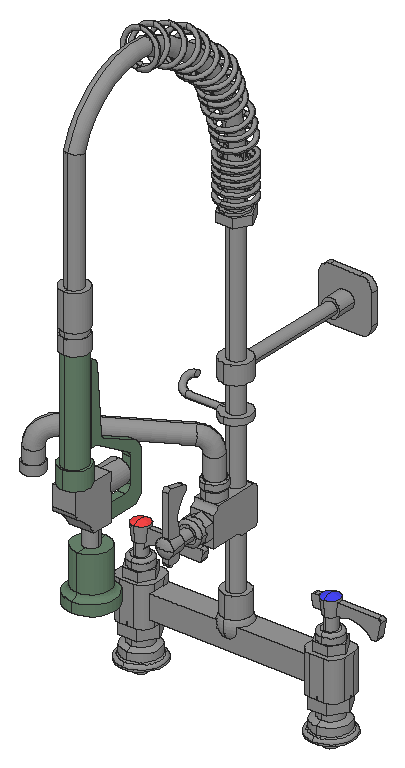
Revit family "Krowne_18-606L_DeckMount_Pre-Rinse_Faucet", category Plumbing Fixtures, Revit 2018
Family settings
  Round Connector Dimension = Use Diameter
  Part Type = Normal
  OmniClass Number = 23.40.40.00
  OmniClass Title = Food Service Equipment and Furnishings
  Work Plane-Based = No
  Always vertical = Yes
  Cut with Voids When Loaded = No
  Shared = No
  Room Calculation Point = No
Parameters (values of type "18-606L")
  Width = 12 5/16"
  Weight in Pounds = 13
  Watermarked By = ""
  URL Cutsheet = ""
  URL = "https://krowne.com/"
  Status [instance] = ""
  Specification by User [instance] = ""
  Specification by Manufacturer [instance] = ""
  Serial Number [instance] = ""
  Revision Code [instance] = ""
  NAFEM Spec ID Number [instance] = ""
  Model = "18-606L"
  Masterspec [instance] = ""
  Manufacturer = "Krowne Metal"
  Item Number [instance] = "-"
  Installed By [instance] = ""
  Hot Water Temperature = 100 °F
  Hot Water Size = 1/2"
  Hot Water RI Height [instance] = 0"
  Hot Water Flow = 1.8 GPM
  Hot Water Connection Height = 0"
  Height = 24 7/8"
  Furnished By [instance] = ""
  Foodservice Equipment Identifier = yes
  Description = "8\" Raised Deck Mount Space Saver Pre-Rinse with Add-on Faucet, 6\" Spout"
  Depth = 10"
  Cold Water Size = 1/2"
  Cold Water RI Height [instance] = 0"
  Cold Water Flow = 1.8 GPM
  Cold Water Consumption = ""
  Cold Water Connection Height = 0"
  CSI MasterFormat = ""
  Assembly Code = "E1090300"
Reference planes (in)
  plane 1 "BACK": y = 0
  plane 2: z = 0
  plane 3 "CENTER L/R": x = -12.56573
  plane 4: y = -0.9375
  plane 5: y = -8.5625
  plane 6 "CENTER L/S": x = -8.56573
  plane 7 "CENTER L/T": x = -16.56573
  plane 8 "CENTER L/U": x = -6.40948
  plane 9 "CENTER L/V": x = -18.72198
  plane 10: z = 6.875
  plane 11: z = 18
  plane 12: z = 26.625
  plane 13: z = 1.75
  plane 14: z = 15.8125
Forms (in)
  Extrusion 1, solid, material "QF_Steel-Chrome-Polished"
    sketch origin (-12.56573, -0.93695, -0.09142) x (0, -1, 0) y (1, 0, 0)
      loop
        circle (0, 0) r 0.34
    from 4.12518 to 18.28793
  Revolve 2, solid, material "QF_Plastic-Hunter Green"
    sketch origin (-12.56573, 4.2975, -7.025) x (0, -1, 0) y (0, 0, 1)
      loop
        line (13.735, 18.775) -> (14.36, 18.775) -> (14.36, 19.525) -> (14.235, 19.525) -> (14.235, 23.8375) -> (13.735, 23.8375) -> (13.735, 18.775)
      axis (13.735, 18.775) -> (13.735, 23.8375)
    angle from 0 to 360
  Sweep 3, solid, material "QF_Steel-Chrome-Polished"
    path origin (-12.56573, -0.93695, -4.46642) x (0, -1, 0) y (0, 0, 1)
      loop
        line (8.50055, 23.65392) -> (8.50055, 28.72759)
        arc (8.50055, 28.72759) -> (7.09376, 30.5755) -> (4.82933, 31.09142) r 3.40474
        arc (4.82933, 31.09142) -> (2.36329, 29.70618) -> (0.62765, 27.47285) r 7.14782
        arc (0.62765, 27.47285) -> (0.15902, 26.17338) -> (0, 24.80118) r 6
        line (0, 24.80118) -> (0, 22.66293)
    profile origin (-12.56573, -9.4375, 21.72434) x (0, 1, 0) y (-1, 0, 0)
      loop
        circle (0, 0) r 0.33984
  Sweep 4, solid, material "QF_Steel-Chrome-Polished"
    path origin (-12.56573, 8.55153, 20.47393) x (1, 0, 0) y (0, -0.694658, -0.71934)
      loop
        line (-0.03125, 13.66) -> (-2.03125, 13.66)
        arc (-2.03125, 13.66) -> (-2.40625, 13.285) -> (-2.03125, 12.91) r 0.375
    profile origin (-13.59698, -0.9375, 10.64775) x (0, 0.694658, 0.71934) y (0, 0.71934, -0.694658)
      loop
        circle (0, 0) r 0.125
  Sweep 5, solid, material "QF_Steel-Chrome-Polished"
    path origin (-12.56573, -23.0225, -7.025) x (0, 1, 0) y (0, 0, -1)
      loop
        line (14.46, -16.8375) -> (14.46, -16.0875)
    profile origin (-12.56573, -8.5625, 9.4375) x (-1, 0, 0) y (0, -1, 0)
      loop
        circle (0, 0) r 0.3125
  Revolve 6, solid, material "QF_Plastic-Hunter Green"
    sketch origin (-12.56573, -23.0225, -7.025) x (0, 1, 0) y (0, 0, -1)
      loop
        line (14.46, -16.0875) -> (15.21, -16.0875) -> (15.21, -14.5875)
        arc (15.21, -14.5875) -> (15.28322, -14.41072) -> (15.46, -14.3375) r 0.25
        line (15.46, -14.3375) -> (15.46, -13.9) -> (14.46, -13.9) -> (14.46, -16.0875)
      axis (14.46, -13.9) -> (14.46, -16.0875)
    angle from 0 to 360
  Extrusion 7, solid, material "QF_Plastic-Hunter Green"
    sketch origin (-12.56573, -23.0225, -7.025) x (0, 1, 0) y (0, 0, -1)
      loop
        arc (15.335, -16.71016) -> (15.02261, -17.01446) -> (15.31861, -17.33473) r 0.3125
        line (15.31861, -17.33473) -> (16.06861, -17.33473)
        arc (16.06861, -17.33473) -> (16.24539, -17.40795) -> (16.31861, -17.58473) r 0.25
        line (16.31861, -17.58473) -> (16.31861, -18.62984)
        arc (16.31861, -18.62984) -> (16.28585, -18.75357) -> (16.19614, -18.84486) r 0.25
        line (16.19614, -18.84486) -> (14.5225, -19.8375) -> (14.2725, -19.8375) -> (14.2725, -23.15)
        arc (14.2725, -23.15) -> (14.44928, -23.07678) -> (14.5225, -22.9) r 0.25
        line (14.5225, -22.9) -> (14.73264, -20.16098)
        arc (14.73264, -20.16098) -> (14.77513, -20.0396) -> (14.87232, -19.9554) r 0.25
        line (14.87232, -19.9554) -> (16.56935, -19.12771)
        arc (16.56935, -19.12771) -> (16.77419, -18.94327) -> (16.85017, -18.67831) r 0.5
        line (16.85017, -18.67831) -> (16.85017, -16.97532) -> (16.585, -16.71016) -> (15.335, -16.71016)
    from -0.17817 to 0.15894
  Revolve 8, solid, material "QF_Steel-Chrome-Polished"
    sketch origin (-12.56573, -23.0225, -7.025) x (0, 1, 0) y (0, 0, -1)
      loop
        line (14.8975, -18.7125) -> (15.8975, -18.7125) -> (15.8975, -18.4625) -> (16.0225, -18.4625) -> (16.0225, -18.2125) -> (14.8975, -18.2125) -> (14.8975, -18.7125)
      axis (16.0225, -18.2125) -> (14.8975, -18.2125)
    angle from 0 to 360
  Sweep 9, solid, material "QF_Steel-Chrome-Polished"
    path origin (-12.56573, -2.06586, 24.03279) x (0, -0.882948, -0.469472) y (1, 0, 0)
      loop
        circle (0, 0) r 0.72
    profile origin (-11.84573, -2.06586, 24.03279) x (-1, 0, 0) y (0, -0.469472, 0.882948)
      loop
        circle (0, 0) r 0.08178
  Sweep 10, solid, material "QF_Steel-Chrome-Polished"
    path origin (-12.56573, -2.47616, 24.44422) x (0, -0.829038, -0.559193) y (1, 0, 0)
      loop
        circle (0, 0) r 0.72
    profile origin (-11.84573, -2.47616, 24.44422) x (-1, 0, 0) y (0, -0.559193, 0.829038)
      loop
        circle (0, 0) r 0.08178
  Sweep 11, solid, material "QF_Steel-Chrome-Polished"
    path origin (-12.56573, -1.07894, 21.53673) x (0, -0.978148, -0.207912) y (1, 0, 0)
      loop
        circle (0, 0) r 0.72
    profile origin (-11.84573, -1.07894, 21.53673) x (-1, 0, 0) y (0, -0.207912, 0.978148)
      loop
        circle (0, 0) r 0.08178
  Sweep 12, solid, material "QF_Steel-Chrome-Polished"
    path origin (-12.56573, -1.86515, 23.60264) x (0, -0.857167, -0.515038) y (1, 0, 0)
      loop
        circle (0, 0) r 0.72
    profile origin (-11.84573, -1.86515, 23.60264) x (-1, 0, 0) y (0, -0.515038, 0.857167)
      loop
        circle (0, 0) r 0.08178
  Sweep 13, solid, material "QF_Steel-Chrome-Polished"
    path origin (-12.56573, -0.98092, 21.05422) x (0, -0.978148, -0.207912) y (1, 0, 0)
      loop
        circle (0, 0) r 0.72
    profile origin (-11.84573, -0.98092, 21.05422) x (-1, 0, 0) y (0, -0.207912, 0.978148)
      loop
        circle (0, 0) r 0.08178
  Sweep 14, solid, material "QF_Steel-Chrome-Polished"
    path origin (-12.56573, -1.69061, 23.19258) x (0, -0.920505, -0.390731) y (1, 0, 0)
      loop
        circle (0, 0) r 0.72
    profile origin (-11.84573, -1.69061, 23.19258) x (-1, 0, 0) y (0, -0.390731, 0.920505)
      loop
        circle (0, 0) r 0.08178
  Sweep 15, solid, material "QF_Steel-Chrome-Polished"
    path origin (-12.56573, -1.21384, 22.00251) x (0, -0.951057, -0.309017) y (1, 0, 0)
      loop
        circle (0, 0) r 0.72
    profile origin (-11.84573, -1.21384, 22.00251) x (-1, 0, 0) y (0, -0.309017, 0.951057)
      loop
        circle (0, 0) r 0.08178
  Sweep 16, solid, material "QF_Steel-Chrome-Polished"
    path origin (-12.56573, -1.54108, 22.69083) x (0, -0.927184, -0.374607) y (1, 0, 0)
      loop
        circle (0, 0) r 0.72
    profile origin (-11.84573, -1.54108, 22.69083) x (-1, 0, 0) y (0, -0.374607, 0.927184)
      loop
        circle (0, 0) r 0.08178
  Sweep 17, solid, material "QF_Steel-Chrome-Polished"
    path origin (-12.56573, -3.01276, 24.87687) x (0, -0.848048, -0.529919) y (1, 0, 0)
      loop
        circle (0, 0) r 0.72
    profile origin (-11.84573, -3.01276, 24.87687) x (-1, 0, 0) y (0, -0.529919, 0.848048)
      loop
        circle (0, 0) r 0.08178
  Sweep 18, solid, material "QF_Steel-Chrome-Polished"
    path origin (-12.56573, -3.45399, 25.40635) x (0, -0.745676, -0.666309) y (1, 0, 0)
      loop
        circle (0, 0) r 0.72
    profile origin (-11.84573, -3.45399, 25.40635) x (-1, 0, 0) y (0, -0.666309, 0.745676)
      loop
        circle (0, 0) r 0.08178
  Sweep 19, solid, material "QF_Steel-Chrome-Polished"
    path origin (-12.56573, -3.91456, 25.78013) x (0, -0.632262, -0.774755) y (1, 0, 0)
      loop
        circle (0, 0) r 0.72
    profile origin (-11.84573, -3.91456, 25.78013) x (-1, 0, 0) y (0, -0.774755, 0.632262)
      loop
        circle (0, 0) r 0.08178
  Sweep 20, solid, material "QF_Steel-Chrome-Polished"
    path origin (-12.56573, -4.61244, 26.15886) x (0, -0.434326, -0.900756) y (1, 0, 0)
      loop
        circle (0, 0) r 0.72
    profile origin (-11.84573, -4.61244, 26.15886) x (-1, 0, 0) y (0, -0.900756, 0.434326)
      loop
        circle (0, 0) r 0.08178
  Sweep 21, solid, material "QF_Steel-Chrome-Polished"
    path origin (-12.56573, -5.50445, 26.53759) x (0, -0.434326, -0.900756) y (1, 0, 0)
      loop
        circle (0, 0) r 0.72
    profile origin (-11.84573, -5.50445, 26.53759) x (-1, 0, 0) y (0, -0.900756, 0.434326)
      loop
        circle (0, 0) r 0.08178
  Sweep 22, solid, material "QF_Steel-Chrome-Polished"
    path origin (-12.56573, -5.96727, 26.62629) x (0, -0.134719, -0.990884) y (1, 0, 0)
      loop
        circle (0, 0) r 0.72
    profile origin (-11.84573, -5.96727, 26.62629) x (-1, 0, 0) y (0, -0.990884, 0.134719)
      loop
        circle (0, 0) r 0.08178
  Extrusion 23, solid, material "QF_Steel-Chrome-Polished"
    sketch origin (-0.21875, -0.9375, 12.03358) x (0, 1, 0) y (-1, 0, 0)
      loop
        circle (0.00055, 12.34698) r 0.625
      loop
        circle (0.00055, 12.34698) r 0.34
    from 0 to 0.75
  Extrusion 24, solid, material "QF_Steel-Chrome-Polished"
    sketch origin (-0.1875, 5.0625, -4.46642) x (1, 0, 0) y (0, 0, 1)
      loop
        line (-11.75323, 18) -> (-13.00323, 18)
        arc (-13.00323, 18) -> (-13.35678, 17.85355) -> (-13.50323, 17.5) r 0.5
        line (-13.50323, 17.5) -> (-13.50323, 16.25)
        arc (-13.50323, 16.25) -> (-13.35678, 15.89645) -> (-13.00323, 15.75) r 0.5
        line (-13.00323, 15.75) -> (-11.75323, 15.75)
        arc (-11.75323, 15.75) -> (-11.39967, 15.89645) -> (-11.25323, 16.25) r 0.5
        line (-11.25323, 16.25) -> (-11.25323, 17.5)
        arc (-11.25323, 17.5) -> (-11.39967, 17.85355) -> (-11.75323, 18) r 0.5
    from 0 to 0.25
  Extrusion 25, solid, material "QF_Steel-Chrome-Polished"
    sketch origin (-0.1875, 4.8125, -4.46642) x (1, 0, 0) y (0, 0, 1)
      loop
        circle (-12.37823, 16.875) r 0.375
    from 0 to 0.75
  Extrusion 26, solid, material "QF_Steel-Chrome-Polished"
    sketch origin (-0.1875, 4.0625, -4.46642) x (1, 0, 0) y (0, 0, 1)
      loop
        circle (-12.37823, 16.875) r 0.25
    from 0 to 4.5
  Extrusion 27, solid, material "QF_Steel-Chrome-Polished"
    sketch origin (-12.59698, 5.53856, -5.6836) x (0, 1, 0) y (0, 0, 1)
      loop
        line (-13.66356, 15.4961) -> (-13.66356, 17.4336) -> (-15.47606, 17.4336) -> (-15.47606, 16.5586)
        arc (-15.47606, 16.5586) -> (-15.44221, 16.43298) -> (-15.34983, 16.34139) r 0.25
        arc (-15.34983, 16.34139) -> (-14.88291, 15.97756) -> (-14.53856, 15.4961) r 2.0625
        line (-14.53856, 15.4961) -> (-13.66356, 15.4961)
    from -0.5 to 0.5
  Revolve 28, solid, material "QF_Steel-Chrome-Polished"
    sketch origin (-12.56573, 4.2975, -7.025) x (0, -1, 0) y (0, 0, 1)
      loop
        line (13.735, 23.8375) -> (14.2975, 23.8375) -> (14.2975, 24.4625) -> (14.235, 24.4625) -> (14.235, 24.7125) -> (14.2975, 24.7125) -> (14.2975, 26.2125) -> (13.735, 26.2125) -> (13.735, 23.8375)
      axis (13.735, 23.8375) -> (13.735, 26.2125)
    angle from 0 to 360
  Extrusion 29, solid, material "QF_Steel-Chrome-Polished"
    sketch origin (-0.21875, -0.9375, 10.51528) x (0, 1, 0) y (-1, 0, 0)
      loop
        circle (0.00055, 12.34698) r 0.625
      loop
        circle (0.00055, 12.34698) r 0.34
    from 0 to 0.25
  Extrusion 30, solid, material "QF_Steel-Chrome-Polished"
    sketch origin (-12.56573, 0, 1.1875) x (0, 1, 0) y (0, 0, 1)
      loop
        line (-0.5, 5.3125) -> (-0.5, 6.6875)
        arc (-0.5, 6.6875) -> (-0.53661, 6.77589) -> (-0.625, 6.8125) r 0.125
        line (-0.625, 6.8125) -> (-2.5, 6.8125)
        arc (-2.5, 6.8125) -> (-2.57322, 6.63572) -> (-2.75, 6.5625) r 0.25
        line (-2.75, 6.5625) -> (-2.75, 5.3125) -> (-1.4805, 5.3125)
        arc (-1.4805, 5.3125) -> (-1.43984, 5.3057) -> (-1.4036, 5.28605) r 0.125
        line (-1.4036, 5.28605) -> (-1.3112, 5.21395)
        arc (-1.3112, 5.21395) -> (-1.27496, 5.1943) -> (-1.2343, 5.1875) r 0.125
        line (-1.2343, 5.1875) -> (-0.625, 5.1875)
        arc (-0.625, 5.1875) -> (-0.53661, 5.22411) -> (-0.5, 5.3125) r 0.125
    from -0.4629 to 0.51137
  Sweep 31, solid, material "QF_Steel-Chrome-Polished"
    path origin (-11.1074, -0.60406, 1.1875) x (0.707107, 0.707107, 0) y (0, 0, 1)
      loop
        line (-2.0625, 6.8125) -> (-2.0625, 8.47099)
        arc (-2.0625, 8.47099) -> (-2.24597, 8.96246) -> (-2.7066, 9.21348) r 0.75
        line (-2.7066, 9.21348) -> (-7.2066, 9.85528)
        arc (-7.2066, 9.85528) -> (-7.80397, 9.67933) -> (-8.0625, 9.1128) r 0.75
        line (-8.0625, 9.1128) -> (-8.0625, 8.5625)
    profile origin (-12.56581, -2.06246, 8.82925) x (-0.707107, -0.707107, 0) y (0.707107, -0.707107, 0)
      loop
        circle (0, 0) r 0.375
  Extrusion 32, solid, material "QF_Steel-Chrome-Polished"
    sketch origin (-12.56573, -0.4375, 8) x (0, -1, 0) y (1, 0, 0)
      loop
        circle (1.625, 0) r 0.375
      loop
        circle (1.625, 0) r 0.4375
    from 0 to 0.375
  Revolve 33, solid, material "QF_Steel-Chrome-Polished"
    sketch origin (-12.56573, 0, 1.1875) x (0, 1, 0) y (0, 0, 1)
      loop
        line (-1.6875, 7.5625) -> (-1.6875, 7.1875) -> (-1.625, 7.1875) -> (-1.5625, 7.25) -> (-1.5625, 7.5) -> (-1.625, 7.5625) -> (-1.6875, 7.5625)
      axis (-2.0625, 7.1875) -> (-2.0625, 7.5625)
    angle from 0 to 360
  Extrusion 34, solid, material "QF_Steel-Chrome-Polished"
    sketch origin (-16.80569, -6.30785, 9.375) x (-0.707107, -0.707107, 0) y (-0.707107, 0.707107, 0)
      loop
        circle (0, 0) r 0.4375
    from 0 to -0.375
  Extrusion 35, solid, material "QF_Steel-Chrome-Polished"
    sketch origin (1.8125, -0.03125, 3.19778) x (0, 1, 0) y (-1, 0, 0)
      loop
        line (-0.90625, 17.74356) -> (-0.35661, 18.06089) -> (-0.35661, 18.69556) -> (-0.90625, 19.01289) -> (-1.45589, 18.69556) -> (-1.45589, 18.06089) -> (-0.90625, 17.74356)
      loop
        line (-0.90625, 9.74356) -> (-0.35661, 10.06089) -> (-0.35661, 10.69556) -> (-0.90625, 11.01289) -> (-1.45589, 10.69556) -> (-1.45589, 10.06089) -> (-0.90625, 9.74356)
    from 0 to 0.375
  Revolve 36, solid, material "QF_Steel-Chrome-Polished"
    sketch origin (-16.56573, -0.03125, -0.80222) x (0, 1, 0) y (0, 0, 1)
      loop
        line (-0.90625, 4.375) -> (-0.40625, 4.375) -> (-0.40625, 4.625)
        arc (-0.40625, 4.625) -> (-0.44286, 4.71339) -> (-0.53125, 4.75) r 0.125
        line (-0.53125, 4.75) -> (-0.90625, 4.75) -> (-0.90625, 4.375)
      axis (-0.90625, 4.375) -> (-0.90625, 4.75)
    angle from 0 to 360
  Revolve 37, solid, material "QF_Steel-Chrome-Polished"
    sketch origin (-8.56573, -0.03125, -0.80222) x (0, 1, 0) y (0, 0, 1)
      loop
        line (-0.90625, 4.375) -> (-0.40625, 4.375) -> (-0.40625, 4.625)
        arc (-0.40625, 4.625) -> (-0.44286, 4.71339) -> (-0.53125, 4.75) r 0.125
        line (-0.53125, 4.75) -> (-0.90625, 4.75) -> (-0.90625, 4.375)
      axis (-0.90625, 4.375) -> (-0.90625, 4.75)
    angle from 0 to 360
  Revolve 38, solid, material "QF_Steel-Chrome-Polished"
    sketch origin (-8.56573, -0.03125, -0.80222) x (0, 1, 0) y (0, 0, 1)
      loop
        line (-0.90625, 4.75) -> (-0.65625, 4.75) -> (-0.65625, 5.3125) -> (-0.90625, 5.3125) -> (-0.90625, 4.75)
      axis (-0.90625, 4.75) -> (-0.90625, 5.3125)
    angle from 0 to 360
  Revolve 39, solid, material "QF_Steel-Chrome-Polished"
    sketch origin (-16.56573, -0.03125, -0.80222) x (0, 1, 0) y (0, 0, 1)
      loop
        line (-0.90625, 4.75) -> (-0.65625, 4.75) -> (-0.65625, 5.3125) -> (-0.90625, 5.3125) -> (-0.90625, 4.75)
      axis (-0.90625, 4.75) -> (-0.90625, 5.3125)
    angle from 0 to 360
  Revolve 40, solid, material "QF_Steel-Chrome-Polished"
    sketch origin (-16.56573, -0.03125, -0.80222) x (0, 1, 0) y (0, 0, 1)
      loop
        line (-0.90625, 5.3125) -> (-0.59375, 5.3125) -> (-0.53125, 5.9375) -> (-0.90625, 5.9375) -> (-0.90625, 5.3125)
      axis (-0.90625, 5.3125) -> (-0.90625, 5.9375)
    angle from 0 to 360
  Revolve 41, solid, material "QF_Steel-Chrome-Polished"
    sketch origin (-8.56573, -0.03125, -0.80222) x (0, 1, 0) y (0, 0, 1)
      loop
        line (-0.90625, 5.3125) -> (-0.59375, 5.3125) -> (-0.53125, 5.9375) -> (-0.90625, 5.9375) -> (-0.90625, 5.3125)
      axis (-0.90625, 5.3125) -> (-0.90625, 5.9375)
    angle from 0 to 360
  Revolve 42, solid, material "QF_Plastic-Red"
    sketch origin (-16.56573, -0.03125, -0.80222) x (0, 1, 0) y (0, 0, 1)
      loop
        line (-0.90625, 5.9375) -> (-0.53125, 5.9375)
        arc (-0.53125, 5.9375) -> (-0.70704, 6.03513) -> (-0.90625, 6.0625) r 0.54601
        line (-0.90625, 6.0625) -> (-0.90625, 5.9375)
      axis (-0.90625, 5.9375) -> (-0.90625, 6.0625)
    angle from 0 to 360
  Revolve 43, solid, material "QF_Plastic-Blue"
    sketch origin (-8.56573, -0.03125, -0.80222) x (0, 1, 0) y (0, 0, 1)
      loop
        line (-0.90625, 5.9375) -> (-0.53125, 5.9375)
        arc (-0.53125, 5.9375) -> (-0.70704, 6.03513) -> (-0.90625, 6.0625) r 0.54601
        line (-0.90625, 6.0625) -> (-0.90625, 5.9375)
      axis (-0.90625, 5.9375) -> (-0.90625, 6.0625)
    angle from 0 to 360
  Extrusion 44, solid, material "QF_Steel-Chrome-Polished"
    sketch origin (-0.1875, -3.375, -0.21074) x (1, 0, 0) y (0, 1, 0)
      loop
        circle (-16.37823, 2.4375) r 0.25
      loop
        circle (-8.37823, 2.4375) r 0.25
    from 0.21074 to -0.25
  Revolve 45, solid, material "QF_Steel-Chrome-Polished"
    sketch origin (-16.56573, -0.03125, 0) x (0, 1, 0) y (0, 0, 1)
      loop
        line (-0.90625, 0) -> (0.03125, 0) -> (0.03125, 0.0625)
        arc (0.03125, 0.0625) -> (-0.00536, 0.15089) -> (-0.09375, 0.1875) r 0.125
        arc (-0.09375, 0.1875) -> (-0.13794, 0.20581) -> (-0.15625, 0.25) r 0.0625
        line (-0.15625, 0.25) -> (-0.15625, 0.5625) -> (-0.40625, 0.6875) -> (-0.40625, 1.0625) -> (-0.90625, 1.0625) -> (-0.90625, 0)
      axis (-0.90625, 0) -> (-0.90625, 1.0625)
    angle from 0 to 360
  Revolve 46, solid, material "QF_Steel-Chrome-Polished"
    sketch origin (-8.56573, -0.03125, 0) x (0, 1, 0) y (0, 0, 1)
      loop
        line (-0.90625, 0) -> (0.03125, 0) -> (0.03125, 0.0625)
        arc (0.03125, 0.0625) -> (-0.00536, 0.15089) -> (-0.09375, 0.1875) r 0.125
        arc (-0.09375, 0.1875) -> (-0.13794, 0.20581) -> (-0.15625, 0.25) r 0.0625
        line (-0.15625, 0.25) -> (-0.15625, 0.5625) -> (-0.40625, 0.6875) -> (-0.40625, 1.0625) -> (-0.90625, 1.0625) -> (-0.90625, 0)
      axis (-0.90625, 0) -> (-0.90625, 1.0625)
    angle from 0 to 360
  Extrusion 47, solid, material "QF_Steel-Chrome-Polished"
    sketch origin (1.8125, -0.03125, 1.0625) x (0, 1, 0) y (-1, 0, 0)
      loop
        line (-0.2026, 17.97198) -> (-0.2026, 18.78448) -> (-0.90625, 19.19073) -> (-1.6099, 18.78448) -> (-1.6099, 17.97198) -> (-0.90625, 17.56573) -> (-0.2026, 17.97198)
      loop
        line (-0.2026, 9.97198) -> (-0.2026, 10.78448) -> (-0.90625, 11.19073) -> (-1.6099, 10.78448) -> (-1.6099, 9.97198) -> (-0.90625, 9.56573) -> (-0.2026, 9.97198)
    from 0 to 0.5
  Extrusion 48, solid, material "QF_Steel-Chrome-Polished"
    sketch origin (1.8125, -0.03125, 1.5625) x (0, 1, 0) y (-1, 0, 0)
      loop
        circle (-0.90625, 18.37823) r 0.75
      loop
        circle (-0.90625, 10.37823) r 0.75
    from 0 to 0.125
  Revolve 49, solid, material "QF_Steel-Chrome-Polished"
    sketch origin (-12.56573, -0.03125, -0.16406) x (0, 1, 0) y (0, 0, 1)
      loop
        line (-0.90625, 3.30665) -> (-0.90625, 2.30303)
        arc (-0.90625, 2.30303) -> (-0.33338, 2.64139) -> (-0.34375, 3.30665) r 0.66209
        line (-0.34375, 3.30665) -> (-0.90625, 3.30665)
      axis (-0.90625, 3.30665) -> (-0.90625, 2.30303)
    angle from 0 to 360
  Extrusion 50, solid, material "QF_Steel-Chrome-Polished"
    sketch origin (-12.56573, -0.9375, 3.14259) x (0, 1, 0) y (-1, 0, 0)
      loop
        circle (0, 0) r 0.5625
    from 0 to 0.89117
  Extrusion 51, solid, material "QF_Steel-Chrome-Polished"
    sketch origin (3.8125, -0.9375, -0.80222) x (1, 0, 0) y (0, 0, 1)
      loop
        arc (-20.45139, 5.875) -> (-20.54806, 5.82925) -> (-20.57397, 5.72549) r 0.125
        line (-20.57397, 5.72549) -> (-20.44898, 5.10053)
        arc (-20.44898, 5.10053) -> (-20.40566, 5.02837) -> (-20.32641, 5.00004) r 0.125
        line (-20.32641, 5.00004) -> (-20.25335, 5.00004)
        arc (-20.25335, 5.00004) -> (-20.20057, 5.01173) -> (-20.15766, 5.04462) r 0.125
        arc (-20.15766, 5.04462) -> (-19.58494, 5.40979) -> (-18.90628, 5.38199) r 1.13354
        arc (-18.90628, 5.38199) -> (-18.88545, 5.37648) -> (-18.86398, 5.37462) r 0.125
        line (-18.86398, 5.37462) -> (-17.83077, 5.37462)
        arc (-17.83077, 5.37462) -> (-17.75152, 5.40295) -> (-17.7082, 5.47511) r 0.125
        line (-17.7082, 5.47511) -> (-17.65813, 5.72549)
        arc (-17.65813, 5.72549) -> (-17.68403, 5.82925) -> (-17.7807, 5.875) r 0.125
        line (-17.7807, 5.875) -> (-20.45139, 5.875)
      loop
        line (-10.29934, 5.875) -> (-12.97575, 5.875)
        arc (-12.97575, 5.875) -> (-13.07242, 5.82925) -> (-13.09832, 5.72549) r 0.125
        line (-13.09832, 5.72549) -> (-13.04825, 5.47511)
        arc (-13.04825, 5.47511) -> (-13.00493, 5.40295) -> (-12.92568, 5.37462) r 0.125
        line (-12.92568, 5.37462) -> (-11.89247, 5.37462)
        arc (-11.89247, 5.37462) -> (-11.871, 5.37648) -> (-11.85017, 5.38199) r 0.125
        arc (-11.85017, 5.38199) -> (-11.17151, 5.40979) -> (-10.59879, 5.04462) r 1.13354
        arc (-10.59879, 5.04462) -> (-10.55588, 5.01173) -> (-10.5031, 5.00004) r 0.125
        line (-10.5031, 5.00004) -> (-10.42432, 5.00004)
        arc (-10.42432, 5.00004) -> (-10.34507, 5.02837) -> (-10.30175, 5.10053) r 0.125
        line (-10.30175, 5.10053) -> (-10.17676, 5.72549)
        arc (-10.17676, 5.72549) -> (-10.20267, 5.82925) -> (-10.29934, 5.875) r 0.125
    from -0.125 to 0.125
  Extrusion 52, solid, material "QF_Steel-Chrome-Polished"
    sketch origin (-13.46034, -2.75, 17.56068) x (-1, 0, 0) y (0, 0, -1)
      loop
        line (-0.90625, 9.81573) -> (-0.41911, 10.09698) -> (-0.41911, 10.65948) -> (-0.90625, 10.94073) -> (-1.39339, 10.65948) -> (-1.39339, 10.09698) -> (-0.90625, 9.81573)
    from 0 to 0.375
  Revolve 53, solid, material "QF_Steel-Chrome-Polished"
    sketch origin (-13.46034, 1.25, 7.18246) x (-1, 0, 0) y (0, -1, 0)
      loop
        line (-0.90625, 4.375) -> (-0.40625, 4.375) -> (-0.40625, 4.625)
        arc (-0.40625, 4.625) -> (-0.44286, 4.71339) -> (-0.53125, 4.75) r 0.125
        line (-0.53125, 4.75) -> (-0.90625, 4.75) -> (-0.90625, 4.375)
      axis (-0.90625, 4.375) -> (-0.90625, 4.75)
    angle from 0 to 360
  Revolve 54, solid, material "QF_Steel-Chrome-Polished"
    sketch origin (-13.46034, 1.25, 7.18246) x (-1, 0, 0) y (0, -1, 0)
      loop
        line (-0.90625, 4.75) -> (-0.65625, 4.75) -> (-0.65625, 5.3125) -> (-0.90625, 5.3125) -> (-0.90625, 4.75)
      axis (-0.90625, 4.75) -> (-0.90625, 5.3125)
    angle from 0 to 360
  Revolve 55, solid, material "QF_Steel-Chrome-Polished"
    sketch origin (-13.46034, 1.25, 7.18246) x (-1, 0, 0) y (0, -1, 0)
      loop
        line (-0.90625, 5.3125) -> (-0.59375, 5.3125) -> (-0.53125, 5.9375) -> (-0.90625, 5.9375) -> (-0.90625, 5.3125)
      axis (-0.90625, 5.3125) -> (-0.90625, 5.9375)
    angle from 0 to 360
  Revolve 56, solid, material "QF_Steel-Chrome-Polished"
    sketch origin (-13.46034, 1.25, 7.18246) x (-1, 0, 0) y (0, -1, 0)
      loop
        line (-0.90625, 5.9375) -> (-0.53125, 5.9375)
        arc (-0.53125, 5.9375) -> (-0.70704, 6.03513) -> (-0.90625, 6.0625) r 0.54601
        line (-0.90625, 6.0625) -> (-0.90625, 5.9375)
      axis (-0.90625, 5.9375) -> (-0.90625, 6.0625)
    angle from 0 to 360
  Extrusion 57, solid, material "QF_Steel-Chrome-Polished"
    sketch origin (-12.55409, 1.25, 19.56068) x (0, 0, 1) y (0, -1, 0)
      loop
        line (-10.29934, 5.875) -> (-12.97575, 5.875)
        arc (-12.97575, 5.875) -> (-13.07242, 5.82925) -> (-13.09832, 5.72549) r 0.125
        line (-13.09832, 5.72549) -> (-13.04825, 5.47511)
        arc (-13.04825, 5.47511) -> (-13.00493, 5.40295) -> (-12.92568, 5.37462) r 0.125
        line (-12.92568, 5.37462) -> (-11.89247, 5.37462)
        arc (-11.89247, 5.37462) -> (-11.871, 5.37648) -> (-11.85017, 5.38199) r 0.125
        arc (-11.85017, 5.38199) -> (-11.17151, 5.40979) -> (-10.59879, 5.04462) r 1.13354
        arc (-10.59879, 5.04462) -> (-10.55588, 5.01173) -> (-10.5031, 5.00004) r 0.125
        line (-10.5031, 5.00004) -> (-10.42432, 5.00004)
        arc (-10.42432, 5.00004) -> (-10.34507, 5.02837) -> (-10.30175, 5.10053) r 0.125
        line (-10.30175, 5.10053) -> (-10.17676, 5.72549)
        arc (-10.17676, 5.72549) -> (-10.20267, 5.82925) -> (-10.29934, 5.875) r 0.125
    from -0.125 to 0.125
  Extrusion 58, solid, material "QF_Steel-Chrome-Polished"
    sketch origin (2, 0, 0) x (1, 0, 0) y (0, 1, 0)
      loop
        line (-10.28392, -0.1875) -> (-10.84753, -0.1875)
        arc (-10.84753, -0.1875) -> (-11.20108, -0.33395) -> (-11.34753, -0.6875) r 0.5
        line (-11.34753, -0.6875) -> (-11.34753, -1.1875)
        arc (-11.34753, -1.1875) -> (-11.20108, -1.54105) -> (-10.84753, -1.6875) r 0.5
        line (-10.84753, -1.6875) -> (-10.28392, -1.6875)
        arc (-10.28392, -1.6875) -> (-9.93037, -1.54105) -> (-9.78392, -1.1875) r 0.5
        line (-9.78392, -1.1875) -> (-9.78392, -0.6875)
        arc (-9.78392, -0.6875) -> (-9.93037, -0.33395) -> (-10.28392, -0.1875) r 0.5
      loop
        line (-18.28392, -0.1875) -> (-18.84753, -0.1875)
        arc (-18.84753, -0.1875) -> (-19.20108, -0.33395) -> (-19.34753, -0.6875) r 0.5
        line (-19.34753, -0.6875) -> (-19.34753, -1.1875)
        arc (-19.34753, -1.1875) -> (-19.20108, -1.54105) -> (-18.84753, -1.6875) r 0.5
        line (-18.84753, -1.6875) -> (-18.28392, -1.6875)
        arc (-18.28392, -1.6875) -> (-17.93037, -1.54105) -> (-17.78392, -1.1875) r 0.5
        line (-17.78392, -1.1875) -> (-17.78392, -0.6875)
        arc (-17.78392, -0.6875) -> (-17.93037, -0.33395) -> (-18.28392, -0.1875) r 0.5
    from 1.5625 to 3.19778
  Extrusion 59, solid, material "QF_Steel-Chrome-Polished"
    sketch origin (0, 0, 0) x (1, 0, 0) y (0, 1, 0)
      loop
        line (-8.56573, -0.4375) -> (-15.78392, -0.4375) -> (-15.78392, -1.44779) -> (-8.56573, -1.44779) -> (-8.56573, -0.4375)
    from 1.92335 to 2.9302
  Sweep 60, solid, material "QF_Steel-Chrome-Polished"
    path origin (-12.56573, -0.93695, 18.84886) x (0, -1, 0) y (1, 0, 0)
      loop
        circle (0, 0) r 0.72
    profile origin (-11.84573, -0.93695, 18.84886) x (-1, 0, 0) y (0, 0, 1)
      loop
        circle (0, 0) r 0.08178
  Sweep 61, solid, material "QF_Steel-Chrome-Polished"
    path origin (-12.56573, -0.93695, 19.59886) x (0, -1, 0) y (1, 0, 0)
      loop
        circle (0, 0) r 0.72
    profile origin (-11.84573, -0.93695, 19.59886) x (-1, 0, 0) y (0, 0, 1)
      loop
        circle (0, 0) r 0.08178
  Sweep 62, solid, material "QF_Steel-Chrome-Polished"
    path origin (-12.56573, -0.93695, 20.16136) x (0, -1, 0) y (1, 0, 0)
      loop
        circle (0, 0) r 0.72
    profile origin (-11.84573, -0.93695, 20.16136) x (-1, 0, 0) y (0, 0, 1)
      loop
        circle (0, 0) r 0.08178
  Sweep 63, solid, material "QF_Steel-Chrome-Polished"
    path origin (-12.56573, -0.93695, 19.23623) x (0, -1, 0) y (1, 0, 0)
      loop
        circle (0, 0) r 0.72
    profile origin (-11.84573, -0.93695, 19.23623) x (-1, 0, 0) y (0, 0, 1)
      loop
        circle (0, 0) r 0.08178
  Sweep 64, solid, material "QF_Steel-Chrome-Polished"
    path origin (-12.56573, -0.93695, 19.86123) x (0, -1, 0) y (1, 0, 0)
      loop
        circle (0, 0) r 0.72
    profile origin (-11.84573, -0.93695, 19.86123) x (-1, 0, 0) y (0, 0, 1)
      loop
        circle (0, 0) r 0.08178
  Sweep 65, solid, material "QF_Steel-Chrome-Polished"
    path origin (-12.56573, -0.93695, 20.42373) x (0, -1, 0) y (1, 0, 0)
      loop
        circle (0, 0) r 0.72
    profile origin (-11.84573, -0.93695, 20.42373) x (-1, 0, 0) y (0, 0, 1)
      loop
        circle (0, 0) r 0.08178
  Extrusion 66, solid, material "QF_Steel-Chrome-Polished"
    sketch origin (0, 0, 18) x (0, 1, 0) y (-1, 0, 0)
      loop
        line (-0.9375, 11.84174) -> (-0.31051, 12.20373) -> (-0.31051, 12.92772) -> (-0.9375, 13.28971) -> (-1.56449, 12.92772) -> (-1.56449, 12.20373) -> (-0.9375, 11.84174)
    from 0 to 0.375
  Revolve 67, solid, material "QF_Steel-Chrome-Polished"
    sketch origin (-12.59698, 0, 16) x (0, 1, 0) y (0, 0, 1)
      loop
        line (-0.9375, 2.375) -> (-0.37, 2.375) -> (-0.37, 2.45122) -> (-0.5625, 2.45122) -> (-0.5625, 3.49121) -> (-0.9375, 3.49121) -> (-0.9375, 2.375)
      loop
        line (-0.5625, 4.891) -> (-0.9375, 4.891) -> (-0.9375, 4.29742) -> (-0.5625, 4.29742) -> (-0.5625, 4.891)
      axis (-0.9375, 2.375) -> (-0.9375, 4.891)
    angle from 0 to 360
  Extrusion 68, solid, material "QF_Steel-Chrome-Polished"
    sketch origin (0, 0, 19.76372) x (0, 1, 0) y (-1, 0, 0)
      loop
        line (-0.9375, 12.05825) -> (-0.49801, 12.31199) -> (-0.49801, 12.81946) -> (-0.9375, 13.0732) -> (-1.37699, 12.81946) -> (-1.37699, 12.31199) -> (-0.9375, 12.05825)
    from -0.27251 to 0.54256
Cuts and joins
  joined: Extrusion 1, Extrusion 30
  joined: Extrusion 58, Extrusion 59
Lines and regions (in)
  symbolic lines
    curve 1: arc (-12.94073, -0.9375, 0) -> (-12.83089, -0.67233, 0) -> (-12.56573, -0.5625, 0) r 0.375
    curve 2: arc (-12.56573, -0.5625, 0) -> (-12.30056, -0.67233, 0) -> (-12.19073, -0.9375, 0) r 0.375
    curve 3: line (-12.94073, -0.9375, 0) -> (-12.94073, -9.46144, 0)
    curve 4: arc (-12.94073, -9.46144, 0) -> (-12.56573, -9.83644, 0) -> (-12.19073, -9.46144, 0) r 0.375
    curve 6: line (-13.36339, -1.09937, 0) -> (-11.73911, -1.09937, 0)
    curve 7: line (-13.36339, -1.31238, 0) -> (-11.73911, -1.31238, 0)
    curve 8: line (-13.36339, -1.56238, 0) -> (-11.73911, -1.56238, 0)
    curve 9: line (-13.36339, -1.81238, 0) -> (-11.73911, -1.81238, 0)
    curve 10: line (-13.36339, -2.06238, 0) -> (-11.73911, -2.06238, 0)
    curve 11: line (-13.36339, -2.31238, 0) -> (-11.73911, -2.31238, 0)
    curve 12: line (-13.36339, -2.56238, 0) -> (-11.73911, -2.56238, 0)
    curve 13: line (-13.36339, -2.81238, 0) -> (-11.73911, -2.81238, 0)
    curve 14: line (-13.36339, -3.06238, 0) -> (-11.73911, -3.06238, 0)
    curve 15: line (-13.36339, -3.81238, 0) -> (-11.73911, -3.81238, 0)
    curve 16: line (-13.36339, -5.06238, 0) -> (-11.73911, -5.06238, 0)
    curve 17: line (-13.36339, -5.69647, 0) -> (-11.73911, -5.69647, 0)
    curve 18: line (-13.36339, -8.53336, 0) -> (-11.73911, -8.53336, 0)
    curve 19: line (-11.44073, 5.0625, 0) -> (-13.69073, 5.0625, 0)
    curve 20: line (-13.69073, 4.8125, 0) -> (-11.44073, 4.8125, 0)
    curve 21: line (-12.19073, 4.0625, 0) -> (-12.19073, 4.8125, 0)
    curve 22: line (-12.94073, 4.0625, 0) -> (-12.19073, 4.0625, 0)
    curve 23: line (-12.94073, 4.8125, 0) -> (-12.94073, 4.0625, 0)
    curve 24: circle (-8.59698, -0.9375, 0) r 0.375 normal (0, 0, 1)
    curve 25: line (-8.95053, -0.8125, 0) -> (-9.3195, -0.8125, 0)
    curve 26: line (-9.3195, -0.8125, 0) -> (-9.3195, -1.0625, 0)
    curve 27: line (-9.3195, -1.0625, 0) -> (-8.95053, -1.0625, 0)
    curve 28: line (-8.24342, -1.0625, 0) -> (-6.41195, -1.0625, 0)
    curve 29: line (-6.41195, -1.0625, 0) -> (-6.41195, -0.8125, 0)
    curve 30: line (-6.41195, -0.8125, 0) -> (-8.24342, -0.8125, 0)
    curve 31: arc (-9.08731, -0.8125, 0) -> (-8.60008, -0.44319, 0) -> (-8.11285, -0.8125, 0) r 0.50605
    curve 32: arc (-9.08731, -1.0625, 0) -> (-8.60008, -1.43181, 0) -> (-8.11285, -1.0625, 0) r 0.50605
    curve 33: line (-8.22171, -1.26179, 0) -> (-8.31573, -1.42464, 0)
    curve 34: line (-8.31573, -1.42464, 0) -> (-8.51522, -1.42464, 0)
    curve 35: line (-8.68494, -1.42464, 0) -> (-8.87823, -1.42464, 0)
    curve 36: line (-8.87823, -1.42464, 0) -> (-8.97003, -1.28451, 0)
    curve 37: line (-8.95617, -0.58968, 0) -> (-8.87934, -0.45661, 0)
    curve 38: line (-8.87934, -0.45661, 0) -> (-8.71584, -0.45661, 0)
    curve 39: line (-8.4941, -0.45442, 0) -> (-8.32182, -0.45442, 0)
    curve 40: line (-8.32182, -0.45442, 0) -> (-8.22869, -0.59657, 0)
    curve 41: circle (-16.53448, -0.9375, 0) r 0.375 normal (0, 0, -1)
    curve 42: line (-16.18092, -0.8125, 0) -> (-15.81195, -0.8125, 0)
    curve 43: line (-15.81195, -0.8125, 0) -> (-15.81195, -1.0625, 0)
    curve 44: line (-15.81195, -1.0625, 0) -> (-16.18092, -1.0625, 0)
    curve 45: line (-16.88803, -1.0625, 0) -> (-18.7195, -1.0625, 0)
    curve 46: line (-18.7195, -1.0625, 0) -> (-18.7195, -0.8125, 0)
    curve 47: line (-18.7195, -0.8125, 0) -> (-16.88803, -0.8125, 0)
    curve 48: arc (-16.04414, -0.8125, 0) -> (-16.53137, -0.44319, 0) -> (-17.0186, -0.8125, 0) r 0.50605
    curve 49: arc (-16.04414, -1.0625, 0) -> (-16.53137, -1.43181, 0) -> (-17.0186, -1.0625, 0) r 0.50605
    curve 50: line (-16.90974, -1.26179, 0) -> (-16.81573, -1.42464, 0)
    curve 51: line (-16.81573, -1.42464, 0) -> (-16.61623, -1.42464, 0)
    curve 52: line (-16.44651, -1.42464, 0) -> (-16.25323, -1.42464, 0)
    curve 53: line (-16.25323, -1.42464, 0) -> (-16.16142, -1.28451, 0)
    curve 54: line (-16.17528, -0.58968, 0) -> (-16.25211, -0.45661, 0)
    curve 55: line (-16.25211, -0.45661, 0) -> (-16.41561, -0.45661, 0)
    curve 56: line (-16.63735, -0.45442, 0) -> (-16.80963, -0.45442, 0)
    curve 57: line (-16.80963, -0.45442, 0) -> (-16.90888, -0.6059, 0)
    curve 58: line (-12.31405, 4.0625, 0) -> (-12.31405, -0.6595, 0)
    curve 59: line (-12.8135, 4.0625, 0) -> (-12.8135, -0.65601, 0)
    curve 60: line (-11.44073, 4.8125, 0) -> (-11.44073, 5.0625, 0)
    curve 61: line (-13.69073, 4.8125, 0) -> (-13.69073, 5.0625, 0)
    curve 62: line (-12.06573, -7.125, 0) -> (-12.19073, -7.125, 0)
    curve 63: line (-12.06573, -7.125, 0) -> (-12.06573, -8.125, 0)
    curve 64: line (-12.06573, -8.125, 0) -> (-12.19073, -8.125, 0)
    curve 65: line (-12.09698, -8.125, 0) -> (-12.09698, -9.0241, 0)
    curve 66: arc (-12.19073, -8.9375, 0) -> (-12.56573, -10.0625, 0) -> (-12.94073, -8.9375, 0) r 0.625
    curve 67: arc (-12.19073, -9.01824, 0) -> (-12.56573, -10, 0) -> (-12.94073, -9.01824, 0) r 0.5625
    curve 68: line (-13.06573, -7.125, 0) -> (-12.94073, -7.125, 0)
    curve 69: line (-13.06573, -7.125, 0) -> (-13.06573, -8.125, 0)
    curve 70: line (-13.06573, -8.125, 0) -> (-12.94073, -8.125, 0)
    curve 71: line (-13.03448, -8.125, 0) -> (-13.03448, -9.0241, 0)
    curve 72: arc (-12.06573, -7.69647, 0) -> (-11.56829, -8.49089, 0) -> (-11.94714, -9.34821, 0) r 1
    curve 73: arc (-12.06573, -8.00348, 0) -> (-11.81592, -8.54545, 0) -> (-12.04083, -9.09821, 0) r 0.75
    curve 74: arc (-13.06573, -7.69647, 0) -> (-13.56316, -8.49089, 0) -> (-13.18431, -9.34821, 0) r 1
    curve 75: arc (-13.06573, -8.00348, 0) -> (-13.31553, -8.54545, 0) -> (-13.09062, -9.09821, 0) r 0.75
    curve 76: arc (-7.59188, -0.8125, 0) -> (-8.3676, 0.02271, 0) -> (-9.41596, -0.42478, 0) r 0.99081
    curve 77: arc (-7.59188, -1.0625, 0) -> (-8.36159, -1.89788, 0) -> (-9.40453, -1.44779, 0) r 0.98183
    curve 78: line (-9.27443, -1.44779, 0) -> (-12.19073, -1.44779, 0)
    curve 79: line (-9.28054, -0.4375, 0) -> (-12.31405, -0.4375, 0)
    curve 80: line (-17.05203, -6.03936, 0) -> (-12.94073, -1.92806, 0)
    curve 81: line (-16.54542, -6.54598, 0) -> (-12.94073, -2.94129, 0)
    curve 82: arc (-16.54542, -6.54598, 0) -> (-17.05203, -6.54598, 0) -> (-17.05203, -6.03936, 0) r 0.35823
    curve 83: arc (-16.85095, -5.83828, 0) -> (-17.15329, -6.56205, 0) -> (-16.38828, -6.38884, 0) r 0.44129
    curve 84: circle (-16.53448, -0.9375, 0) r 0.375 normal (0, 0, -1)
    curve 85: line (-16.18092, -0.8125, 0) -> (-15.81195, -0.8125, 0)
    curve 86: line (-15.81195, -0.8125, 0) -> (-15.81195, -1.0625, 0)
    curve 87: line (-15.81195, -1.0625, 0) -> (-16.18092, -1.0625, 0)
    curve 88: line (-16.88803, -1.0625, 0) -> (-18.7195, -1.0625, 0)
    curve 89: line (-18.7195, -1.0625, 0) -> (-18.7195, -0.8125, 0)
    curve 90: line (-18.7195, -0.8125, 0) -> (-16.88803, -0.8125, 0)
    curve 91: arc (-16.04414, -0.8125, 0) -> (-16.53137, -0.44319, 0) -> (-17.0186, -0.8125, 0) r 0.50605
    curve 92: arc (-16.04414, -1.0625, 0) -> (-16.53137, -1.43181, 0) -> (-17.0186, -1.0625, 0) r 0.50605
    curve 93: line (-16.90974, -1.26179, 0) -> (-16.81573, -1.42464, 0)
    curve 94: line (-16.81573, -1.42464, 0) -> (-16.61623, -1.42464, 0)
    curve 95: line (-16.44651, -1.42464, 0) -> (-16.25323, -1.42464, 0)
    curve 96: line (-16.25323, -1.42464, 0) -> (-16.16142, -1.28451, 0)
    curve 97: line (-16.17528, -0.58968, 0) -> (-16.25211, -0.45661, 0)
    curve 98: line (-16.25211, -0.45661, 0) -> (-16.41561, -0.45661, 0)
    curve 99: line (-16.63735, -0.45442, 0) -> (-16.80963, -0.45442, 0)
    curve 100: line (-16.80963, -0.45442, 0) -> (-16.90888, -0.6059, 0)
    curve 101: arc (-17.53957, -0.8125, 0) -> (-16.76385, 0.02271, 0) -> (-15.71549, -0.42478, 0) r 0.99081
    curve 102: arc (-17.53957, -1.0625, 0) -> (-16.76986, -1.89788, 0) -> (-15.72692, -1.44779, 0) r 0.98183
    curve 103: line (-15.85702, -1.44779, 0) -> (-12.94073, -1.44779, 0)
    curve 104: line (-15.85091, -0.4375, 0) -> (-12.8135, -0.4375, 0)
    curve 105: line (-12.94073, -0.9375, 0) -> (-14.61234, -0.9375, 0)
    curve 106: arc (-14.61234, -0.9375, 0) -> (-14.91073, -0.63911, 0) -> (-14.61234, -0.34072, 0) r 0.29839
    curve 107: arc (-7.78392, -0.6875, 0) -> (-7.93037, -0.33395, 0) -> (-8.28392, -0.1875, 0) r 0.5
    curve 108: line (-8.28392, -0.1875, 0) -> (-8.84753, -0.1875, 0)
    curve 109: arc (-8.84753, -0.1875, 0) -> (-9.20108, -0.33395, 0) -> (-9.34753, -0.6875, 0) r 0.5
    curve 110: line (-9.34753, -0.6875, 0) -> (-9.34753, -1.1875, 0)
    curve 111: arc (-9.34753, -1.1875, 0) -> (-9.20108, -1.54105, 0) -> (-8.84753, -1.6875, 0) r 0.5
    curve 112: line (-8.84753, -1.6875, 0) -> (-8.28392, -1.6875, 0)
    curve 113: arc (-8.28392, -1.6875, 0) -> (-7.93037, -1.54105, 0) -> (-7.78392, -1.1875, 0) r 0.5
    curve 114: line (-7.78392, -1.1875, 0) -> (-7.78392, -0.6875, 0)
    curve 115: arc (-15.78392, -0.6875, 0) -> (-15.93037, -0.33395, 0) -> (-16.28392, -0.1875, 0) r 0.5
    curve 116: line (-16.28392, -0.1875, 0) -> (-16.84753, -0.1875, 0)
    curve 117: arc (-16.84753, -0.1875, 0) -> (-17.20108, -0.33395, 0) -> (-17.34753, -0.6875, 0) r 0.5
    curve 118: line (-17.34753, -0.6875, 0) -> (-17.34753, -1.1875, 0)
    curve 119: arc (-17.34753, -1.1875, 0) -> (-17.20108, -1.54105, 0) -> (-16.84753, -1.6875, 0) r 0.5
    curve 120: line (-16.84753, -1.6875, 0) -> (-16.28392, -1.6875, 0)
    curve 121: arc (-16.28392, -1.6875, 0) -> (-15.93037, -1.54105, 0) -> (-15.78392, -1.1875, 0) r 0.5
    curve 122: line (-15.78392, -1.1875, 0) -> (-15.78392, -0.6875, 0)
  symbolic lines, style "PlumbingFixtures"
    curve 5: line (-12.19073, -0.9375, 0) -> (-12.19073, -9.46144, 0)
Dimensions and locks (in)
  plane 4 to plane 1 "BACK" = 15/16"
  plane 5 to plane 4 = 7 5/8"
  plane 6 "CENTER L/S" to plane 7 "CENTER L/T" = 8"
  plane 10 to level = 6 7/8"  (x2)
  plane 11 to level = 18"
  plane 12 to plane 13 = 24 7/8"  (x2)
  Extrusion 24 to plane 4 = 6"
  plane 4 to plane 5 = 7 5/8"
  plane 11 to plane 10 = 11 1/8"
  Extrusion 34 to level = 9 3/8"
  plane 1 "BACK" to Extrusion 27 = 9 15/16"
  plane 9 "CENTER L/V" to plane 8 "CENTER L/U" = 12 5/16"
  aligned and locked: level to plane 2
  aligned and locked: Extrusion 35 to Revolve 37 sketch curve
  aligned and locked: Revolve 40 sketch curve to Revolve 40 sketch curve
  aligned and locked: Revolve 41 sketch curve to Revolve 41 sketch curve
  aligned and locked: Revolve 49 sketch curve to Extrusion 35
  aligned and locked: Extrusion 52 to Revolve 53 sketch curve
  aligned and locked: Revolve 55 sketch curve to Revolve 55 sketch curve
Connectors (in)
  piping at (-8.56573, -0.9375, -0.46074), diameter 0.5, driven by "Cold Water Size", driven by "Cold Water Flow"
    settings: on Extrusion 44, index 1, connector inside diameter 24", connector length 0", flow factor 0, pipe flow 1.8 GPM, pressure drop 0.00 psi, fitting loss kfactor 0, connector angle 0.00°, fixture units 0, engagement length 0", angle of deflection 0.00°, flow configuration 0, flow direction 0, fitting loss method 0, system type 20, joint type 0, gender type 0, connector reference index -1, connector utility 0, adjustable connector no, is connector primary yes, connector description ""
  piping at (-16.56573, -0.9375, -0.46074), diameter 0.5, driven by "Hot Water Size", driven by "Cold Water Flow"
    settings: on Extrusion 44, index 2, connector inside diameter 24", connector length 0", flow factor 0, pipe flow 1.8 GPM, pressure drop 0.00 psi, fitting loss kfactor 0, connector angle 0.00°, fixture units 0, engagement length 0", angle of deflection 0.00°, flow configuration 0, flow direction 0, fitting loss method 0, system type 19, joint type 0, gender type 0, connector reference index -1, connector utility 0, adjustable connector no, is connector primary no, connector description ""
